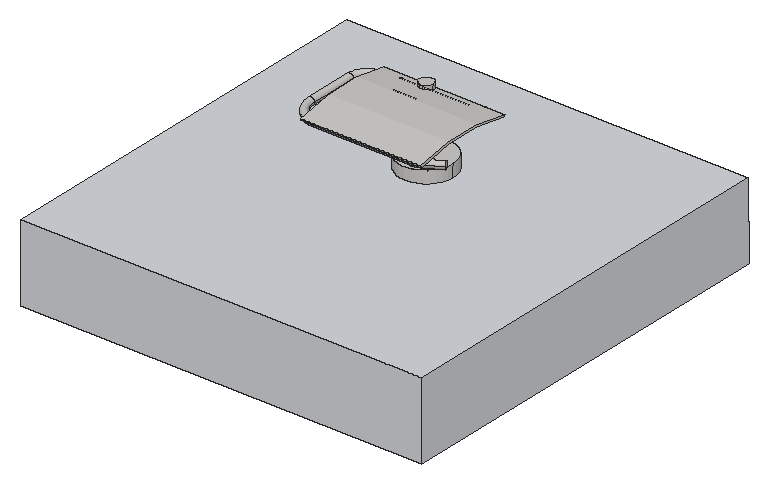
Revit family
Parameters (values of type "7314-H")
  Warranty Duration (Years) = 0
  Unit Width = 0' - 5 9/16"
  Unit Height = 0' - 4 11/32"
  Unit Depth = 0' - 2 3/4"
  URL = "http://www.americanspecialties.com/viewCategories.cfm"
  Mounting Height [instance] = 3' - 0"
  Hood = yes
  Fixture Material [instance] = Metal - Stainless Steel
  Test Data = ""
  Specification = "http://www.arcat.com/sdspecs/htm/10810asi.htm"
  SpecWizard = ""
  Send Message = "http://www.arcat.com/users.pl?action=UserEmail&company=American%20Specialties,%20Inc.&coid=30448&rep=139&fax=914-476-0688&mf="
  Sales Information = "http://www.americanspecialties.com/contact"
  Revision = "R1_2014-10"
  Product Properties = "http://www.americanspecialties.com/datasheets/7314-H.pdf"
  Product Data = "http://www.arcat.com/arcatcos/cos30/arc30448.html"
  Model = "7314-H"
  Manufacturer Website = "http://www.americanspecialties.com/viewCategories.cfm"
  Manufacturer Phone - Toll Free = ""
  Manufacturer Phone = "914-476-9000 "
  Manufacturer Fax = "914-476-0688"
  Manufacturer Address = "441 Saw Mill River Rd., Yonkers, NY 10701"
  Manufacturer = "American Specialties, Inc."
  Maintenance Schedule (Months) = 0
  Keynote = "10 28 13"
  Installation-Fabrication = "http://www.americanspecialties.com/products.cfm"
  Green Building-LEED = ""
  Expected Lifespan (Years) = 0
  Drawn By = "Sumex Design, Inc. / Robert S. Weygant. CSI, CDT, SCIP"
  Description = "ASI Single Toilet Paper Roll Holder - Omara Collection 7314-H"
  Default Elevation = 0' - 0"
  Copyright = "©Arcat Inc."
  Construction Details = "http://www.arcat.com/green/clients/leed_data_30448.html"
  Building Codes = "http://www.americanspecialties.com/products.cfm"
  Assembly Code = "C1030210"
Types (2): name | Hood | Product Properties | Model | Description
  7314-H | yes | "http://www.americanspecialties.com/datasheets/7314-H.pdf" | "7314-H" | "ASI Single Toilet Paper Roll Holder - Omara Collection 7314-H"
  7314 | no | "http://www.americanspecialties.com/datasheets/7314.pdf" | "7314" | "ASI Single Toilet Paper Roll Holder - Omara Collection 7314"
Reference planes (in)
  plane 1 "Floor Line": z = 0
  plane 2 "Center (Left/Right)": x = 14.06032
  plane 3 "FF": y = -56.93904
  plane 4 "CL": y = -20.93904
  plane 5: z = 2.75
  plane 6 "x": y = -19.97029
  plane 7: x = 11.68532
  plane 8: x = 17.12282
  plane 9: y = -24.31404
Forms (in)
  Extrusion 1, solid
    sketch origin (-2.65843, -11.79112, -6) x (0, 0, -1) y (1, 0, 0)
      loop
        line (-3.23952, 24.16697) -> (-6, 24.16697) -> (-6, 9.71875) -> (-3.23952, 9.71875) -> (-3.23952, 24.16697)
    from 18.64792 to 3.97675
  Extrusion 2, solid, material "Metal - Stainless Steel" <- "Fixture Material"
    sketch origin (-8.03125, -0.125, 0) x (1, 0, 0) y (0, 1, 0)
      loop
        circle (22.09157, -20.81404) r 0.96875
    from 0 to 0.4375
  Extrusion 3, solid, material "Metal - Stainless Steel" <- "Fixture Material"
    sketch origin (-8.03125, -3.4375, 0) x (1, 0, 0) y (0, 1, 0)
      loop
        circle (22.09157, -17.50154) r 0.25
    from 0 to 2.75
  Sweep 4, solid, material "Metal - Stainless Steel" <- "Fixture Material"
    path origin (0, 0, 0) x (1, 0, 0) y (0, 1, 0)
      loop
        line (16.99782, -23.68904) -> (16.43532, -24.0138)
        arc (16.43532, -24.0138) -> (16.34487, -24.05126) -> (16.24782, -24.06404) r 0.375
        line (16.24782, -24.06404) -> (12.68532, -24.06404)
        arc (12.68532, -24.06404) -> (12.15499, -23.84437) -> (11.93532, -23.31404) r 0.75
        line (11.93532, -23.31404) -> (11.93532, -21.56404)
        arc (11.93532, -21.56404) -> (12.08176, -21.21048) -> (12.43532, -21.06404) r 0.5
        line (12.43532, -21.06404) -> (15.56032, -21.06404)
    profile origin (13.99782, -21.06404, 0) x (0, 1, 0) y (0, 0, 1)
      loop
        circle (0.125, 2.375) r 0.125
  Extrusion 5, solid, material "Metal - Stainless Steel" <- "Fixture Material", visible <- "Hood"
    sketch origin (14.06032, 0, 0) x (0, 1, 0) y (0, 0, 1)
      loop
        arc (-21.18904, 2.375) -> (-20.81404, 2.15849) -> (-20.81404, 2.59151) r 0.25
        line (-20.81404, 2.59151) -> (-20.87654, 2.48325)
        arc (-20.87654, 2.48325) -> (-20.87654, 2.26675) -> (-21.06404, 2.375) r 0.125
        line (-21.06404, 2.375) -> (-21.18904, 2.375)
    from -1.0159 to 2.01423
  Extrusion 6, solid, material "Metal - Stainless Steel" <- "Fixture Material", visible <- "Hood"
    sketch origin (14.06032, 0, 0) x (0, 1, 0) y (0, 0, 1)
      loop
        line (-20.84633, 2.53558) -> (-20.81404, 2.59151)
        arc (-20.81404, 2.59151) -> (-22.68904, 2.8466) -> (-24.56404, 2.59151) r 7.01848
        line (-24.56404, 2.59151) -> (-24.54734, 2.53128)
        arc (-24.54734, 2.53128) -> (-22.69712, 2.78409) -> (-20.84633, 2.53558) r 6.95598
    from -1.61499 to 2.72243
Cuts and joins
  joined: Extrusion 2, Extrusion 3
  joined: Extrusion 5, Extrusion 6
Dimensions and locks (in)
  "Mounting Height": plane 3 "FF" to plane 4 "CL"
  locked: plane 5 to level at 2.75
  locked: plane 4 "CL" to Extrusion 3 sketch curve at 0
  locked: plane 4 "CL" to Extrusion 2 sketch curve at 0
  locked: plane 6 "x" to plane 4 "CL" at 0.96875
  locked: plane 7 to plane 2 "Center (Left/Right)" at 2.375
  plane 9 to plane 4 "CL" = 0' - 3 3/8"
  locked: plane 7 to plane 8 at 5.4375
  aligned and locked: plane 5 to Extrusion 3
Automatic sketch dimensions
  Extrusion 1 sketch curve to Extrusion 1 sketch curve = 0' - 2.76048"
  Extrusion 1 sketch curve to Extrusion 1 sketch curve = 1' - 2.44822"
  Extrusion 2 sketch curve to plane 2 "Center (Left/Right)" = 0' - 0"
  Extrusion 3 sketch curve to plane 2 "Center (Left/Right)" = 0' - 0"
  Sweep 4 sketch curve to plane 7 = 0' - 0 1/4"
  plane 4 "CL" to Sweep 4 sketch curve = 0' - 0 1/8"
  Sweep 4 sketch curve to Sweep 4 sketch curve = 0' - 0 1/2"
  Sweep 4 sketch curve to plane 9 = 0' - 0 1/4"
  Sweep 4 sketch curve to plane 7 = 0' - 1"
  plane 2 "Center (Left/Right)" to Sweep 4 sketch curve = 0' - 1 1/2"
  plane 8 to Sweep 4 sketch curve = 0' - 0 7/8"
  Sweep 4 sketch curve to Sweep 4 sketch curve = 0' - 0 3/16"
  plane 8 to Sweep 4 sketch curve = 0' - 0 1/8"
  Sweep 4 sketch curve to Sweep 4 sketch curve = 0' - 0.05024"
  Sweep 4 sketch curve to plane 9 = 0' - 0 5/8"
  Sweep 4 sketch curve to profile plane = 0' - 0 1/8"
  level to Sweep 4 sketch curve = 0' - 2 3/8"
  Extrusion 5 sketch curve to Extrusion 5 sketch curve = 0' - 0"
  Extrusion 5 sketch curve to plane 4 "CL" = 0' - 0"
  plane 4 "CL" to Extrusion 5 sketch curve = 0' - 0 1/8"
  Extrusion 5 sketch curve to plane 4 "CL" = 0' - 0 1/16"
  Extrusion 5 sketch curve to Extrusion 5 sketch curve = 0' - 0 1/16"
  Extrusion 5 sketch curve to plane 5 = 0' - 0 3/8"
  Extrusion 6 sketch curve to Extrusion 6 sketch curve = 0' - 0"  (x2)
  Extrusion 6 sketch curve to plane 9 = 0' - 1 5/8"
  plane 9 to Extrusion 6 sketch curve = 0' - 0.2333"
  Extrusion 6 sketch curve to Extrusion 6 sketch curve = 0' - 0.0167"
  Extrusion 6 sketch curve to plane 4 "CL" = 0' - 0.09271"
  Extrusion 6 sketch curve to Extrusion 6 sketch curve = 0' - 0.03229"
  Extrusion 6 sketch curve to Extrusion 6 sketch curve = 0' - 0.06023"
  Extrusion 6 sketch curve to level = 0' - 4 11/64"
  Extrusion 6 sketch curve to plane 5 = 0' - 0.21872"
  Extrusion 5 sketch curve to Extrusion 5 sketch curve = 0' - 0.10825"
  radius of Extrusion 2 sketch curve = 0' - 0 31/32"
  radius of Extrusion 3 sketch curve = 0' - 0 1/4"
  radius of Sweep 4 sketch curve = 0' - 0 1/8"
